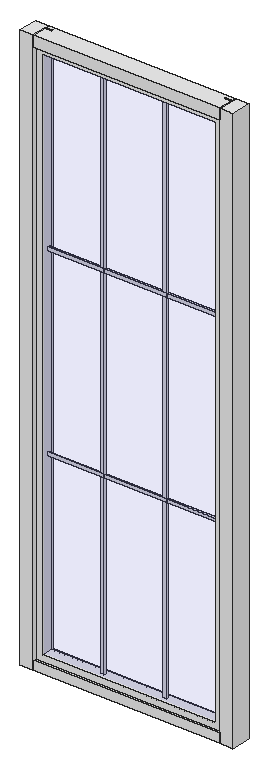
Revit family "Door_Curtain_Wall-Outswing-Traco-NX-8910-Sidelite", category Curtain Panels, Revit 2015
Parameters (values of type "NX-8910 - Sidelite")
  Water Resistance = 15.0000 psf
  Uniform Load Structural = 75.0000 psf
  Uniform Load Deflection = 10.0000 psf
  Product data url = "https://bimobject.com/kawneerna/product/89101"
  Product Page URL = "http://www.alcoa.com/traco/en/product.asp?cat_id=1912&prod_id=4259"
  Product Documentation Link = "http://www.alcoa.com/traco/en/cad_spec.asp?cat_id=1912&prod_id=4259&area=prod"
  Panel Width [instance] = Door Width - 0' 4 1/2"  # 2' - 7 1/2"
  Panel Material [instance] = Aluminum - Traco - Anodized - Gray
  Panel Height [instance] = Door Height - 0' 2 7/8"  # 7' - 9 1/8"
  Muntin Type = Muntin-Grid-Traco-Lites : Interior
  Has Muntins [instance] = yes
  Glass Material [instance] = Glass - Traco - Clear
  Frame Material [instance] = Aluminum - Traco - Anodized - Gray
  Door Width [instance] = if(CTRL Opening Width < Door Width Minimum, Door Width Minimum, if(CTRL Opening Width > Door Width Maximum, Door Width Maximum, CTRL Opening Width))  # 3' - 0"
  Door Height [instance] = if(CTRL Opening Height < Door Height Minimum, Door Height Minimum, if(CTRL Opening Height > Door Height Maximum, Door Height Maximum, CTRL Opening Height))  # 8' - 0"
  Door Base = 0' - 1 3/8"
  Copyright © = "2011 Traco"  # constant formula
  CTRL Opening Width [instance] = 5' - 5.50212"
  URL = "http://www.alcoa.com/traco/en/home.asp"
  U Factor = "0.40*"
  Type Comments = "Sidelite"
  Test Size = "48\" X 96\""
  Model = "NX-8910"
  Manufacturer = "Traco"  # constant formula
  CTRL Opening Height [instance] = 8' - 0 3/4"
  Forced Entry Resistance = ""
  Door Width Minimum [instance] = 3' - 0"
  Door Width Maximum [instance] = 3' - 0"
  Door Height Minimum [instance] = 6' - 0"
  Door Height Maximum [instance] = 8' - 0"
  Designation = "AAMA/WDMA/CSA 101/I.S.2/A-440-05: HS-C50 And AAMA/WDMA/CSA 101/I.S.2/A-440-08:AW-PG50-ATD"
  Description = "NX-8910 - 3-1/4” Outswing Thermal Aluminum Architectural Terrace Door"
  Condensation Resistance = "48"
  Assembly Code = "B2020220"
  Allowable Air Infiltration Maximum = "0.1 @ 6.2 PSF"
Reference planes (in)
  plane 1 "Front": y = 0
  plane 2 "Bottom": z = 0
  plane 3 "Center (Left/Right)": x = 0
  plane 4 "Left": x = -32.75106
  plane 5 "Right": x = 32.75106
  plane 6 "Top": z = 96.75
  plane 7 "Door Base": z = 1.375
  plane 8 "Jamb Left": x = -15.75
  plane 9 "Stop Left": x = -14.625
  plane 10 "Stop Right": x = 14.625
  plane 11 "Jamb Right": x = 15.75
  plane 12 "Panel Right": x = 18
  plane 13 "Panel Left": x = -18
  plane 14 "Stop Front": y = 2.5
Text (in)
  text "Exterior" at (-54.29358, -17.61257, 0), in view "Ref. Level"
  text "Exterior" at (480, 41.53993, 89.60405), in view "Right"
  text "Exterior" at (-240, 57.82419, 105.78864), in view "Left"
Dimensions and locks (in)
  equal spacing: plane 4 "Left", plane 3 "Center (Left/Right)", plane 5 "Right"
  "Door Base": plane 2 "Bottom" to plane 7 "Door Base"
  "CTRL Opening Width": plane 4 "Left" to plane 5 "Right"
  "CTRL Opening Height": plane 6 "Top" to plane 2 "Bottom"
  locked: plane 1 "Front" to plane 14 "Stop Front" at 2.5
  aligned and locked: level to plane 2 "Bottom"
  aligned: nested 2 to nested 1
  aligned and locked: plane 7 "Door Base" to nested 2
  aligned and locked: nested 2 to nested 1
  aligned and locked: nested 2 to nested 2
  aligned and locked: nested 2 to nested 3
  aligned and locked: nested 3 to plane 7 "Door Base"
  aligned and locked: plane 3 "Center (Left/Right)" to nested 1
  aligned and locked: plane 1 "Front" to nested 1
  aligned and locked: nested 2 to plane 14 "Stop Front"
Nested families (in)
  nested 1: "Door_Frame-Outswing-Traco-(NX-8910)-Sidelite" at (-24, 1.625, 0), type "Standard Sill"
    with Door Width 3' - 0"
  nested 2: "Door-Glass_Panel-Traco-(TR-8910)-Sidelite" at (0, 2.5, 1.375), Width <- "Panel Width", Height <- "Panel Height", Panel Material <- "Panel Material", Glass Material <- "Glass Material", type "T", detail levels fine
    with built-in parameter 1001301 2' - 7 1/2", built-in parameter 1001302 0' - 2", Panel Offset 0' - 4 1/4", Panel Material Aluminum - Traco - Anodized - Gray, Panel Finish none, built-in parameter 1001300 7' - 9 1/8", Glazing Thickness 0' - 1", Glazing "Low E-Argon", Glass Material Glass - Traco - Clear
  nested 3: "Muntin-Grid-Traco-Lites" at (0, 1.625, 47.9375) x (1, 0, 0) z (0, -1, 0), Sash Height <- "Panel Height", Length <- "Panel Width", type <- "Muntin Type", visible <- "Has Muntins", type "Interior"
    with Sash Height 7' - 9 1/8", Material Aluminum - Traco - Anodized - Gray, Length 2' - 7 1/2", Glazing Thickness 0' - 0 7/8", CTRL Muntin Vertical Distance 2' - 7.04167", CTRL Muntin Horizontal Distance 0' - 10 1/2", CTRL Face Offset 0' - 0 1/4", CTRL Bar Vertical Visibility no, CTRL Bar Horizontal Visibility no, CTRL Array Vertical Visibility yes, CTRL Array Horizontal Visibility yes, Has Interior Muntins yes, Has Exterior Muntins no
  nested 4: "Muntin-Trapezoid-Traco-Single" at (5.25, 1.8125, 47.9375) x (0, 0, -1) z (0, -1, 0), type "Standard Colonial"
    with Material Aluminum - Traco - Anodized - Gray, Length 7' - 9 1/8", Width Top 0' - 0 9/16", Width Base 0' - 0 9/16", Height 0' - 0 5/16"
  nested 5: "Muntin-Trapezoid-Traco-Single" at (0, 1.8125, 63.45833) x (-1, 0, 0) z (0, -1, 0), type "Standard Colonial"
    with Material Aluminum - Traco - Anodized - Gray, Length 2' - 7 1/2", Width Top 0' - 0 9/16", Width Base 0' - 0 9/16", Height 0' - 0 5/16"
  nested 6: "Muntin-Trapezoid-Traco-Single" at (-5.25, 1.8125, 47.9375) x (0, 0, -1) z (0, -1, 0), type "Standard Colonial"
    with Material Aluminum - Traco - Anodized - Gray, Length 7' - 9 1/8", Width Top 0' - 0 9/16", Width Base 0' - 0 9/16", Height 0' - 0 5/16"
  nested 7: "Muntin-Trapezoid-Traco-Single" at (0, 1.8125, 32.41667) x (-1, 0, 0) z (0, -1, 0), type "Standard Colonial"
    with Material Aluminum - Traco - Anodized - Gray, Length 2' - 7 1/2", Width Top 0' - 0 9/16", Width Base 0' - 0 9/16", Height 0' - 0 5/16"
Definition of nested family "Door_Frame-Outswing-Traco-(NX-8910)-Sidelite"
  Parameters
    Jamb Thickness = 0' - 2 1/4"
    Head Thickness = 0' - 1 3/4"
    Frame Material = none
    Frame Depth = 0' - 3 1/4"
    Door Width = 4' - 0"
    Door Height = 8' - 0"
    Assembly Code = ""
  Reference planes (in)
    plane 1 "Center (Front/Back)": y = 0
    plane 2 "Bottom": z = 0
    plane 3 "Center (Left/Right)": x = 24
    plane 4 "Exterior": y = 1.625
    plane 5 "Interior": y = -1.625
    plane 6 "Left": x = 0
    plane 7 "Top": z = 96
    plane 8 "Inside Frame Left Side": x = 2.25
    plane 9 "Inside Frame Right Side": x = 45.75
    plane 10 "Top Inset": z = 94.25
    plane 11 "Sill Top": z = 1.5
    plane 12 "Right": x = 48
    plane 13 "Left Stop": x = 3.375
    plane 14 "Right Stop": x = 44.625
    plane 15 "Stop Front": y = 0.875
    plane 16 "Stop Back": y = 1
    plane 17 "Panel Bottom": z = 2.4375
    plane 18 "Panel Top": z = 93.375
  Forms (in)
    Extrusion 1, solid, material <- "Frame Material"
      sketch origin (24, 0, 0) x (0, 1, 0) y (0, 0, 1)
        loop
          line (1.625, 0) -> (1.625, 2) -> (0.875, 2.4375) -> (0.875, 1.5) -> (-1.625, 1.5) -> (-1.625, 0) -> (1.625, 0)
      from -21.75 to 21.75
    Extrusion 2, solid, material <- "Frame Material"
      sketch origin (0, 0, 0) x (1, 0, 0) y (0, 1, 0)
        loop
          line (0, -1.625) -> (2.25, -1.625) -> (2.25, 0.875) -> (3.375, 0.875) -> (3.375, 1) -> (2.25, 1) -> (2.25, 1.625) -> (0, 1.625) -> (0, -1.625)
        loop
          line (48, -1.625) -> (48, 1.625) -> (45.75, 1.625) -> (45.75, 1) -> (44.625, 1) -> (44.625, 0.875) -> (45.75, 0.875) -> (45.75, -1.625) -> (48, -1.625)
      from 0 to 96
    Extrusion 3, solid, material <- "Frame Material"
      sketch origin (24, 0, 0) x (0, -1, 0) y (0, 0, -1)
        loop
          line (1.625, -96) -> (1.625, -94.25) -> (-0.875, -94.25) -> (-0.875, -93.375) -> (-1, -93.375) -> (-1, -94.25) -> (-1.625, -94.25) -> (-1.625, -96) -> (1.625, -96)
      from -21.75 to 21.75
  Lines and regions (in)
    Masking region 1
      outline origin (0, 0, 96) x (-1, 0, 0) y (0, -1, 0)
        loop
          line (0, 1.625) -> (-48, 1.625) -> (-48, -1.625) -> (0, -1.625) -> (0, 1.625)
    Masking region 2
      outline origin (24, 0, 0) x (0, 1, 0) y (0, 0, 1)
        loop
          line (-1.625, 0) -> (1.625, 0) -> (1.625, 96) -> (-1.625, 96) -> (-1.625, 0)
    Masking region 3
      outline origin (0, 0, 0) x (1, 0, 0) y (0, 0, 1)
        loop
          line (0, 0) -> (48, 0) -> (48, 96) -> (0, 96) -> (0, 0)
        loop
          line (3.375, 93.375) -> (3.375, 2.4375) -> (44.625, 2.4375) -> (44.625, 93.375) -> (3.375, 93.375)
    symbolic lines, detail levels medium+fine
      curve 1: line (2.25, -1.625, 96) -> (2.25, 0.875, 96)
      curve 2: line (2.25, 0.875, 96) -> (3.375, 0.875, 96)
      curve 3: line (3.375, 0.875, 96) -> (3.375, 1, 96)
      curve 4: line (3.375, 1, 96) -> (2.25, 1, 96)
      curve 5: line (2.25, 1, 96) -> (2.25, 1.625, 96)
      curve 6: line (45.75, -1.625, 96) -> (45.75, 0.875, 96)
      curve 7: line (45.75, 0.875, 96) -> (44.625, 0.875, 96)
      curve 8: line (44.625, 0.875, 96) -> (44.625, 1, 96)
      curve 9: line (44.625, 1, 96) -> (45.75, 1, 96)
      curve 10: line (45.75, 1, 96) -> (45.75, 1.625, 96)
    symbolic lines
      curve 11: line (2.25, -1.625, 94.25) -> (45.75, -1.625, 94.25)
      curve 12: line (2.25, -1.625, 96) -> (2.25, -1.625, 0)
      curve 13: line (45.75, -1.625, 0) -> (45.75, -1.625, 96)
      curve 14: line (44.625, -1.625, 93.375) -> (45.75, -1.625, 93.375)
      curve 15: line (44.625, -1.625, 93.375) -> (44.625, -1.625, 94.25)
      curve 16: line (2.25, -1.625, 93.375) -> (3.375, -1.625, 93.375)
      curve 17: line (3.375, -1.625, 93.375) -> (3.375, -1.625, 94.25)
      curve 18: line (2.25, -1.625, 1.5) -> (45.75, -1.625, 1.5)
      curve 19: line (3.375, -1.625, 1.5) -> (3.375, -1.625, 2.4375)
      curve 20: line (2.25, -1.625, 2.4375) -> (3.375, -1.625, 2.4375)
      curve 21: line (44.625, -1.625, 1.5) -> (44.625, -1.625, 2.4375)
      curve 22: line (44.625, -1.625, 2.4375) -> (45.75, -1.625, 2.4375)
      curve 23: line (2.25, 1.625, 94.25) -> (45.75, 1.625, 94.25)
      curve 24: line (2.25, 1.625, 96) -> (2.25, 1.625, 0)
      curve 25: line (45.75, 1.625, 0) -> (45.75, 1.625, 96)
      curve 26: line (44.625, 1.625, 94.25) -> (44.625, 1.625, 93.375)
      curve 27: line (44.625, 1.625, 93.375) -> (45.75, 1.625, 93.375)
      curve 28: line (2.25, 1.625, 93.375) -> (3.375, 1.625, 93.375)
      curve 29: line (3.375, 1.625, 94.25) -> (3.375, 1.625, 93.375)
      curve 30: line (2.25, 1.625, 1.5) -> (45.75, 1.625, 1.5)
      curve 31: line (3.375, 1.625, 1.5) -> (3.375, 1.625, 2.4375)
      curve 32: line (2.25, 1.625, 2.4375) -> (3.375, 1.625, 2.4375)
      curve 33: line (44.625, 1.625, 1.5) -> (44.625, 1.625, 2.4375)
      curve 34: line (44.625, 1.625, 2.4375) -> (45.75, 1.625, 2.4375)
  Dimensions and locks (in)
    equal spacing: plane 4 "Exterior", plane 1 "Center (Front/Back)", plane 5 "Interior"
    "Frame Depth": plane 4 "Exterior" to plane 5 "Interior"
    "Head Thickness": plane 7 "Top" to plane 10 "Top Inset"
    "Jamb Thickness": plane 6 "Left" to plane 8 "Inside Frame Left Side"
    "Door Height": plane 7 "Top" to plane 2 "Bottom"
    locked: plane 11 "Sill Top" to plane 2 "Bottom" at 1.5
    "Door Width": plane 12 "Right" to plane 6 "Left"
    "Jamb Thickness": plane 12 "Right" to plane 9 "Inside Frame Right Side"
    equal spacing: plane 6 "Left", plane 3 "Center (Left/Right)", plane 12 "Right"
    locked: plane 1 "Center (Front/Back)" to plane 16 "Stop Back" at 1
    locked: plane 1 "Center (Front/Back)" to plane 15 "Stop Front" at 0.875
    locked: plane 10 "Top Inset" to plane 18 "Panel Top" at 0.875
    locked: plane 17 "Panel Bottom" to plane 11 "Sill Top" at 0.9375
    locked: plane 8 "Inside Frame Left Side" to plane 13 "Left Stop" at 1.125
    locked: plane 14 "Right Stop" to plane 9 "Inside Frame Right Side" at 1.125
    aligned and locked: level to plane 2 "Bottom"
    aligned and locked: plane 8 "Inside Frame Left Side" to Extrusion 1
    aligned and locked: Extrusion 1 to plane 9 "Inside Frame Right Side"
    aligned and locked: plane 7 "Top" to Extrusion 2
    aligned and locked: Extrusion 1 to plane 8 "Inside Frame Left Side"
    aligned and locked: plane 9 "Inside Frame Right Side" to Extrusion 1
    aligned and locked: Extrusion 3 to plane 8 "Inside Frame Left Side"
    aligned and locked: plane 9 "Inside Frame Right Side" to Extrusion 3
    aligned and locked: plane 4 "Exterior" to Masking region 1 sketch curve
    aligned and locked: plane 6 "Left" to Masking region 1 sketch curve
    aligned and locked: plane 5 "Interior" to Masking region 1 sketch curve
    aligned and locked: plane 12 "Right" to Masking region 1 sketch curve
    aligned and locked: curve 5 to plane 8 "Inside Frame Left Side"
    aligned and locked: plane 16 "Stop Back" to curve 4
    aligned and locked: curve 3 to plane 13 "Left Stop"
    aligned and locked: curve 2 to plane 15 "Stop Front"
    aligned and locked: curve 1 to plane 8 "Inside Frame Left Side"
    aligned and locked: curve 10 to plane 9 "Inside Frame Right Side"
    aligned and locked: curve 9 to plane 16 "Stop Back"
    aligned and locked: plane 14 "Right Stop" to curve 8
    aligned and locked: plane 15 "Stop Front" to curve 7
    aligned and locked: curve 6 to plane 9 "Inside Frame Right Side"
    aligned and locked: plane 7 "Top" to Masking region 2 sketch curve
    aligned and locked: Masking region 2 sketch curve to plane 5 "Interior"
    aligned and locked: plane 4 "Exterior" to Masking region 2 sketch curve
    aligned and locked: Masking region 2 sketch curve to plane 2 "Bottom"
    aligned and locked: Masking region 3 sketch curve to plane 7 "Top"
    aligned and locked: plane 2 "Bottom" to Masking region 3 sketch curve
    aligned and locked: Masking region 3 sketch curve to plane 6 "Left"
    aligned and locked: Masking region 3 sketch curve to plane 12 "Right"
    aligned and locked: Masking region 3 sketch curve to plane 18 "Panel Top"
    aligned and locked: plane 17 "Panel Bottom" to Masking region 3 sketch curve
    aligned and locked: Masking region 3 sketch curve to plane 13 "Left Stop"
    aligned and locked: Masking region 3 sketch curve to plane 14 "Right Stop"
    aligned and locked: curve 11 to plane 10 "Top Inset"
    aligned and locked: plane 8 "Inside Frame Left Side" to curve 12
    aligned and locked: curve 13 to plane 9 "Inside Frame Right Side"
    aligned and locked: curve 14 to plane 18 "Panel Top"
    aligned and locked: plane 14 "Right Stop" to curve 15
    aligned and locked: curve 17 to plane 13 "Left Stop"
    aligned and locked: curve 16 to plane 18 "Panel Top"
    aligned and locked: curve 18 to plane 11 "Sill Top"
    aligned and locked: curve 19 to plane 13 "Left Stop"
    aligned and locked: curve 20 to plane 17 "Panel Bottom"
    aligned and locked: plane 14 "Right Stop" to curve 21
    aligned and locked: curve 22 to plane 17 "Panel Bottom"
    aligned and locked: curve 30 to plane 11 "Sill Top"
    aligned and locked: plane 8 "Inside Frame Left Side" to curve 24
    aligned and locked: curve 32 to plane 17 "Panel Bottom"
    aligned and locked: curve 31 to plane 13 "Left Stop"
    aligned and locked: plane 14 "Right Stop" to curve 33
    aligned and locked: curve 34 to plane 17 "Panel Bottom"
    aligned and locked: curve 25 to plane 9 "Inside Frame Right Side"
    aligned and locked: curve 27 to plane 18 "Panel Top"
    aligned and locked: curve 26 to plane 14 "Right Stop"
    aligned and locked: curve 23 to plane 10 "Top Inset"
    aligned and locked: curve 28 to plane 18 "Panel Top"
    aligned and locked: plane 13 "Left Stop" to curve 29
  Automatic sketch dimensions
    Extrusion 1 sketch curve to level = 0' - 0"
    Extrusion 1 sketch curve to plane 5 "Interior" = 0' - 0"
    Extrusion 1 sketch curve to plane 11 "Sill Top" = 0' - 0"
    Extrusion 1 sketch curve to plane 4 "Exterior" = 0' - 0"
    Extrusion 1 sketch curve to plane 4 "Exterior" = 0' - 0 3/4"
    plane 11 "Sill Top" to Extrusion 1 sketch curve = 0' - 0 1/2"
    Extrusion 1 sketch curve to Extrusion 1 sketch curve = 0' - 0 7/16"
    Extrusion 2 sketch curve to plane 4 "Exterior" = 0' - 0"
    Extrusion 2 sketch curve to plane 6 "Left" = 0' - 0"
    Extrusion 2 sketch curve to plane 8 "Inside Frame Left Side" = 0' - 0"  (x2)
    plane 5 "Interior" to Extrusion 2 sketch curve = 0' - 0"  (x2)
    Extrusion 2 sketch curve to plane 9 "Inside Frame Right Side" = 0' - 0"  (x2)
    Extrusion 2 sketch curve to plane 12 "Right" = 0' - 0"
    plane 4 "Exterior" to Extrusion 2 sketch curve = 0' - 0"
    Extrusion 2 sketch curve to plane 8 "Inside Frame Left Side" = 0' - 1 1/8"
    plane 9 "Inside Frame Right Side" to Extrusion 2 sketch curve = 0' - 1 1/8"
    Extrusion 2 sketch curve to plane 4 "Exterior" = 0' - 0 3/4"  (x2)
    Extrusion 2 sketch curve to Extrusion 2 sketch curve = 0' - 0 1/8"  (x2)
    Extrusion 3 sketch curve to plane 4 "Exterior" = 0' - 0"
    Extrusion 3 sketch curve to plane 10 "Top Inset" = 0' - 0"  (x2)
    Extrusion 3 sketch curve to plane 5 "Interior" = 0' - 0"
    Extrusion 3 sketch curve to plane 7 "Top" = 0' - 0"
    Extrusion 3 sketch curve to plane 4 "Exterior" = 0' - 0 5/8"
    Extrusion 3 sketch curve to Extrusion 3 sketch curve = 0' - 0 1/8"
    Extrusion 3 sketch curve to plane 10 "Top Inset" = 0' - 0 7/8"
    curve 12 to level = 0' - 0"
    curve 13 to level = 0' - 0"
    curve 12 to plane 7 "Top" = 0' - 0"
    curve 13 to plane 7 "Top" = 0' - 0"
    curve 24 to level = 0' - 0"
    curve 25 to level = 0' - 0"
    curve 24 to plane 7 "Top" = 0' - 0"
    curve 25 to plane 7 "Top" = 0' - 0"
    curve 5 to plane 4 "Exterior" = 0' - 0"
    plane 5 "Interior" to curve 1 = 0' - 0"
    curve 10 to plane 4 "Exterior" = 0' - 0"
    plane 5 "Interior" to curve 6 = 0' - 0"
Definition of nested family "Door-Glass_Panel-Traco-(TR-8910)-Sidelite"
  Parameters
    Width [instance] = 6' - 0"
    Visible Light Transmission = 0
    URL = "www.integratedcontentsolutions.com"
    U Value = 0
    Type Comments = "Panel theory and model developed by Integrated Content Solutions"  # constant formula
    Thickness [instance] = 0' - 2 1/2"
    Solar Heat Gain Coefficient = 0
    R Value = 0
    Product Documentation Link = "www.integratedcontentsolutions.com"
    Panel Offset [instance] = 0' - 4 1/4"
    Panel Material [instance] = none
    Panel Finish [instance] = none
    Manufacturer = "Integrated Content Solutions"  # constant formula
    LEED Credit = ""
    Height [instance] = 2' - 0"
    Glazing Thickness [instance] = 0' - 1"
    Glazing [instance] = "Low E-Argon"
    Glass Material [instance] = none
    Function = 1
    Energy Star Zone = ""
    Copyright © = "Integrated Content Solutions © 2009"  # constant formula
    Assembly Code = "C1020110"
    Appear In Schedule = 0 = 1  # no
    Air Leakage = 0
  Reference planes (in)
    plane 1 "Exterior": y = 0
    plane 2 "Bottom": z = 0
    plane 3 "Left Side": x = -36
    plane 4 "Interior": y = -2.5
    plane 5 "Right Side": x = 36
    plane 6 "Top": z = 24
    plane 7 "Glass Exterior": y = -1.61648
    plane 8 "Center L_R": x = 0
    plane 9 "Glass Interior": y = -0.61648
    plane 10 "Panel Right": x = 34.875
    plane 11 "Panel Bottom": z = 1.125
    plane 12 "Panel Top": z = 22.875
    plane 13 "Panel Left": x = -34.875
    plane 14 "Center F_B": y = -1.11648
  Forms (in)
    Extrusion 1, solid, material <- "Panel Material"
      sketch origin (0, 0, 0) x (1, 0, 0) y (0, 0, 1)
        loop
          line (-36, 24) -> (-36, 0) -> (36, 0) -> (36, 24) -> (-36, 24)
        loop
          line (-34.875, 22.875) -> (-34.875, 1.125) -> (34.875, 1.125) -> (34.875, 22.875) -> (-34.875, 22.875)
      from 0 to 2.5
    Extrusion 2, solid, material <- "Glass Material"
      sketch origin (0, -0.25, 0) x (1, 0, 0) y (0, 0, -1)
        loop
          line (-34.875, -23.625) -> (34.875, -23.625) -> (34.875, -0.375) -> (-34.875, -0.375) -> (-34.875, -23.625)
      from -1.36648 to -0.36648
  Lines and regions (in)
    Masking region 1
      outline origin (0, -1.75, 0) x (-1, 0, 0) y (0, 0, 1)
        loop
          line (36, 0) -> (36, 24) -> (-36, 24) -> (-36, 0) -> (36, 0)
        loop
          line (34.875, 1.125) -> (34.875, 22.875) -> (-34.875, 22.875) -> (-34.875, 1.125) -> (34.875, 1.125)
    Masking region 2
      outline origin (0, 0, 24) x (-1, 0, 0) y (0, -1, 0)
        loop
          line (36, 2.5) -> (-36, 2.5) -> (-36, 0) -> (36, 0) -> (36, 2.5)
    model lines
      curve 1: line (-34.875, -1.75, 22.875) -> (-34.875, -1.75, 1.125)
      curve 2: line (34.875, -1.75, 1.125) -> (34.875, -1.75, 22.875)
    symbolic lines
      curve 3: line (-34.875, -1.75, 1.125) -> (34.875, -1.75, 1.125)
      curve 4: line (-34.875, -1.75, 22.875) -> (-34.875, -1.75, 1.125)
      curve 5: line (34.875, -1.75, 22.875) -> (-34.875, -1.75, 22.875)
      curve 6: line (34.875, -1.75, 1.125) -> (34.875, -1.75, 22.875)
  Dimensions and locks (in)
    "Width": plane 3 "Left Side" to plane 5 "Right Side"
    "Thickness": plane 4 "Interior" to plane 1 "Exterior"
    "Height": plane 6 "Top" to plane 2 "Bottom"
    "Width": plane 3 "Left Side" to Extrusion 1
    equal spacing: plane 5 "Right Side", plane 8 "Center L_R", plane 3 "Left Side"
    locked: Extrusion 1 sketch curve to Extrusion 1 sketch curve at 1.125  (x4)
    "Glazing Thickness": plane 7 "Glass Exterior" to plane 9 "Glass Interior"
    locked: plane 13 "Panel Left" to plane 3 "Left Side" at 1.125
    locked: plane 5 "Right Side" to plane 10 "Panel Right" at 1.125
    locked: plane 6 "Top" to plane 12 "Panel Top" at 1.125
    locked: plane 11 "Panel Bottom" to plane 2 "Bottom" at 1.125
    equal spacing: plane 9 "Glass Interior", plane 14 "Center F_B", plane 7 "Glass Exterior"
    aligned and locked: plane 3 "Left Side" to Extrusion 1 sketch curve
    aligned: Extrusion 1 to plane 1 "Exterior"
    aligned: plane 4 "Interior" to Extrusion 1
    aligned and locked: level to plane 2 "Bottom"
    aligned and locked: plane 4 "Interior" to Extrusion 1
    aligned and locked: Extrusion 1 to plane 1 "Exterior"
    aligned and locked: plane 6 "Top" to Masking region 1 sketch curve
    aligned and locked: plane 5 "Right Side" to Masking region 1 sketch curve
    aligned and locked: Masking region 1 sketch curve to plane 3 "Left Side"
    aligned and locked: Masking region 1 sketch curve to plane 2 "Bottom"
    aligned and locked: plane 12 "Panel Top" to curve 5
    aligned and locked: plane 10 "Panel Right" to curve 6
    aligned and locked: curve 4 to plane 13 "Panel Left"
    aligned and locked: curve 3 to plane 11 "Panel Bottom"
    aligned and locked: Masking region 2 sketch curve to plane 3 "Left Side"
    aligned and locked: Masking region 2 sketch curve to plane 1 "Exterior"
    aligned and locked: plane 4 "Interior" to Masking region 2 sketch curve
    aligned and locked: plane 5 "Right Side" to Masking region 2 sketch curve
    aligned and locked: Extrusion 2 to plane 9 "Glass Interior"
    aligned and locked: plane 10 "Panel Right" to Extrusion 2  (x2)
    aligned and locked: Extrusion 2 to plane 13 "Panel Left"  (x2)
    aligned and locked: Extrusion 2 to plane 7 "Glass Exterior"
    aligned and locked: plane 9 "Glass Interior" to Extrusion 2
    aligned and locked: plane 12 "Panel Top" to Masking region 1 sketch curve
    aligned and locked: Masking region 1 sketch curve to plane 11 "Panel Bottom"
    aligned and locked: plane 10 "Panel Right" to Masking region 1 sketch curve
    aligned and locked: Masking region 1 sketch curve to plane 13 "Panel Left"
  Automatic sketch dimensions
    Extrusion 1 sketch curve to level = 0' - 0"
    Extrusion 1 sketch curve to plane 3 "Left Side" = 0' - 0"
    Extrusion 1 sketch curve to plane 5 "Right Side" = 0' - 0"
    Extrusion 1 sketch curve to plane 6 "Top" = 0' - 0"
    plane 3 "Left Side" to Extrusion 2 sketch curve = 0' - 1 1/8"
    Extrusion 2 sketch curve to plane 5 "Right Side" = 0' - 1 1/8"
    Extrusion 2 sketch curve to plane 6 "Top" = 0' - 0 3/8"
    level to Extrusion 2 sketch curve = 0' - 0 3/8"
Definition of nested family "Muntin-Trapezoid-Traco-Single"
  Parameters
    Width Top = 0' - 0 7/16"
    Width Base = 0' - 1"
    URL = "http://www.alcoa.com/traco/en/home.asp"
    Product Page URL = "http://www.alcoa.com/traco/en/product.asp?prod_id=4228"
    Product Documentation Link = "http://www.alcoa.com/traco/en/cad_spec.asp?prod_id=4228&area=prod"
    Material [instance] = none
    Manufacturer = "Traco"  # constant formula
    Length [instance] = 1' - 0"
    Height = 0' - 0 5/8"
    Description = "Trapezoidal Profile"
    Copyright © = "2011 Traco"  # constant formula
  Reference planes (in)
    plane 1 "Center (Front/Back)": y = 0
    plane 2 "Original Bottom": z = 0
    plane 3 "Center (Left/Right)": x = 0
    plane 4 "Left": x = -6
    plane 5 "Right": x = 6
    plane 6 "Back": y = 0.5
    plane 7 "Front": y = -0.5
    plane 8 "Back Inset": y = 0.21875
    plane 9 "Front Inset": y = -0.21875
    plane 10 "Top": z = 0.625
    plane 11 "Bottom": z = 0
  Forms (in)
    Sweep 1, solid, material <- "Material", detail levels medium+fine
      path origin (0, 0, 0) x (0, -1, 0) y (1, 0, 0)
        loop
          line (0, 6) -> (0, -6)
      profile origin (0, 0, 0) x (0, -1, 0) y (0, 0, 1)
        loop
          line (0.5, 0) -> (0.21875, 0.625) -> (-0.21875, 0.625) -> (-0.5, 0) -> (0.5, 0)
  Lines and regions (in)
    Masking region 1, detail levels medium+fine
      outline origin (0, 0, 0) x (0, 1, 0) y (0, 0, 1)
        loop
          line (0.5, 0) -> (0.21875, 0.625) -> (-0.21875, 0.625) -> (-0.5, 0) -> (0.5, 0)
    Masking region 2, detail levels medium+fine
      outline origin (0, 0, 0) x (1, 0, 0) y (0, 1, 0)
        loop
          line (6, -0.5) -> (6, 0.5) -> (-6, 0.5) -> (-6, -0.5) -> (6, -0.5)
    Masking region 3, detail levels medium+fine
      outline origin (0, 0, 0) x (1, 0, 0) y (0, 0, 1)
        loop
          line (6, 0) -> (6, 0.625) -> (-6, 0.625) -> (-6, 0) -> (6, 0)
    symbolic lines, detail levels coarse
      curve 1: line (0, 0, 0) -> (0, 0, 0.625)
      curve 2: line (-6, 0, 0) -> (6, 0, 0)
      curve 3: line (-6, 0, 0) -> (-6, 0, 0.625)
      curve 4: line (-6, 0, 0.625) -> (6, 0, 0.625)
      curve 5: line (6, 0, 0.625) -> (6, 0, 0)
    model lines, detail levels coarse
      curve 6: line (-6, 0, 0) -> (6, 0, 0)
  Dimensions and locks (in)
    equal spacing: plane 4 "Left", plane 3 "Center (Left/Right)", plane 5 "Right"
    "Length": plane 4 "Left" to plane 5 "Right"
    equal spacing: plane 6 "Back", plane 1 "Center (Front/Back)", plane 7 "Front"
    "Width Base": plane 7 "Front" to plane 6 "Back"
    equal spacing: plane 8 "Back Inset", plane 1 "Center (Front/Back)", plane 9 "Front Inset"
    "Width Top": plane 9 "Front Inset" to plane 8 "Back Inset"
    locked: plane 11 "Bottom" to plane 2 "Original Bottom" at 0
    "Height": plane 10 "Top" to plane 11 "Bottom"
    aligned and locked: plane 2 "Original Bottom" to level
    aligned and locked: plane 4 "Left" to Sweep 1 sketch curve
    aligned and locked: Sweep 1 sketch curve to plane 1 "Center (Front/Back)"
    aligned and locked: plane 5 "Right" to Sweep 1 sketch curve
    aligned and locked: plane 7 "Front" to Sweep 1 sketch curve
    aligned and locked: plane 11 "Bottom" to Sweep 1 sketch curve  (x2)
    aligned and locked: plane 6 "Back" to Sweep 1 sketch curve
    aligned and locked: plane 10 "Top" to Sweep 1 sketch curve
    aligned and locked: plane 8 "Back Inset" to Sweep 1 sketch curve
    aligned and locked: plane 9 "Front Inset" to Sweep 1 sketch curve
    aligned and locked: Sweep 1 sketch curve to plane 10 "Top"
    aligned and locked: Masking region 1 sketch curve to plane 11 "Bottom"
    aligned and locked: plane 10 "Top" to Masking region 1 sketch curve
    aligned and locked: plane 8 "Back Inset" to Masking region 1 sketch curve
    aligned and locked: plane 9 "Front Inset" to Masking region 1 sketch curve
    aligned and locked: plane 7 "Front" to Masking region 1 sketch curve
    aligned and locked: plane 6 "Back" to Masking region 1 sketch curve
    aligned and locked: curve 1 to plane 1 "Center (Front/Back)"
    aligned and locked: plane 11 "Bottom" to curve 1
    aligned and locked: plane 10 "Top" to curve 1
    aligned and locked: plane 4 "Left" to curve 2
    aligned and locked: plane 5 "Right" to curve 2
    aligned and locked: plane 1 "Center (Front/Back)" to curve 2
    aligned and locked: Masking region 2 sketch curve to plane 4 "Left"
    aligned and locked: Masking region 2 sketch curve to plane 5 "Right"
    aligned and locked: Masking region 2 sketch curve to plane 6 "Back"
    aligned and locked: Masking region 2 sketch curve to plane 7 "Front"
    aligned and locked: Masking region 3 sketch curve to plane 4 "Left"
    aligned and locked: Masking region 3 sketch curve to plane 5 "Right"
    aligned and locked: plane 11 "Bottom" to Masking region 3 sketch curve
    aligned and locked: Masking region 3 sketch curve to plane 10 "Top"
    aligned and locked: plane 11 "Bottom" to curve 3
    aligned and locked: plane 11 "Bottom" to curve 5
    aligned and locked: curve 5 to plane 5 "Right"
    aligned and locked: curve 3 to plane 4 "Left"
    aligned and locked: curve 4 to plane 10 "Top"
    aligned and locked: plane 5 "Right" to curve 6
    aligned and locked: plane 4 "Left" to curve 6
    aligned and locked: plane 1 "Center (Front/Back)" to curve 6
Definition of nested family "Muntin-Grid-Traco-Lites"
  Parameters
    URL = "http://www.alcoa.com/traco/en/home.asp"
    Sash Height [instance] = 4' - 0"
    Muntin Vertical Count = if((Lite Vertical Count - 1) < 2, 2, (Lite Vertical Count - 1))  # 2
    Muntin Type = Muntin-Trapezoid-Traco-Single : H-081
    Muntin Horizontal Count = if((Lite Horizontal Count - 1) < 2, 2, (Lite Horizontal Count - 1))  # 2
    Material [instance] = none
    Manufacturer = "Traco"  # constant formula
    Lite Vertical Count = 3
    Lite Horizontal Count = 3
    Length [instance] = 4' - 0"
    Has True Muntins = no
    Has Interior Muntins = no
    Has Exterior Muntins = yes
    Glazing Thickness [instance] = 0' - 0 7/8"
    Default Elevation = 4' - 0"
    Copyright © = "2011 Traco"  # constant formula
    CTRL Muntin Vertical Distance [instance] = Sash Height / (Lite Vertical Count)  # 1' - 4"
    CTRL Muntin Horizontal Distance [instance] = Length / (Lite Horizontal Count)  # 1' - 4"
    CTRL Face Offset [instance] = if(Has Interior Muntins, 0' 0 1/4", if(Has Exterior Muntins, Glazing Thickness, Glazing Thickness / 2))  # 0' - 0 7/8"
    CTRL Bar Vertical Visibility [instance] = Lite Vertical Count = 2  # no
    CTRL Bar Horizontal Visibility [instance] = Lite Horizontal Count = 2  # no
    CTRL Array Vertical Visibility [instance] = Lite Vertical Count > 2  # yes
    CTRL Array Horizontal Visibility [instance] = Lite Horizontal Count > 2  # yes
    Assembly Code = "B2020110"
  Reference planes (in)
    plane 1 "Center (Front/Back)": y = 0
    plane 2 "Original  Bottom": z = 0
    plane 3 "Center (Left/Right)": x = 0
    plane 4 "Left": x = -24
    plane 5 "Right": x = 24
    plane 6 "Bottom": z = 0.4375
    plane 7 "Glass Top": z = 0.4375
    plane 8 "Glass Bottom": z = -0.4375
    plane 9 "Back": y = 24
    plane 10 "Front": y = -24
    plane 11 "Bar 1 Vertical": y = -8
    plane 12 "Bar Last Vertical": y = 8
    plane 13 "Bar Last Horizontal": x = 8
    plane 14 "Bar 1 Horizontal": x = -8
  Forms (in)
    Extrusion 1, solid
      sketch origin (0, 0, 0) x (1, 0, 0) y (0, 1, 0)
        loop
          line (-48, 48) -> (-48, -48) -> (48, -48) -> (48, 48) -> (-48, 48)
      from 0 to -12
  Dimensions and locks (in)
    equal spacing: plane 4 "Left", plane 3 "Center (Left/Right)", plane 5 "Right"
    "Length": plane 4 "Left" to plane 5 "Right"
    "Glazing Thickness": plane 7 "Glass Top" to plane 8 "Glass Bottom"
    equal spacing: plane 9 "Back", plane 1 "Center (Front/Back)", plane 10 "Front"
    "Sash Height": plane 10 "Front" to plane 9 "Back"
    "CTRL Muntin Vertical Distance": plane 10 "Front" to plane 11 "Bar 1 Vertical"
    "CTRL Muntin Vertical Distance": plane 12 "Bar Last Vertical" to plane 9 "Back"
    "CTRL Muntin Horizontal Distance": plane 4 "Left" to plane 14 "Bar 1 Horizontal"
    "CTRL Muntin Horizontal Distance": plane 13 "Bar Last Horizontal" to plane 5 "Right"
    equal spacing: plane 7 "Glass Top", plane 2 "Original  Bottom", plane 8 "Glass Bottom"
    group 1 to group 2 = 0' - 0"  (x2)
    group 1 to group 2 = 1' - 4"
    group 3 to group 4 = 1' - 4"
    group 3 to group 4 = 0' - 0"  (x2)
    "CTRL Face Offset": plane 6 "Bottom" to plane 8 "Glass Bottom"
    aligned and locked: plane 2 "Original  Bottom" to Extrusion 1
    aligned and locked: level to Extrusion 1
    aligned and locked: plane 6 "Bottom" to nested 1
    aligned and locked: plane 6 "Bottom" to nested 3
    aligned and locked: plane 6 "Bottom" to nested 2
    aligned and locked: plane 6 "Bottom" to nested 4
    aligned and locked: nested 3 to plane 11 "Bar 1 Vertical"
    aligned and locked: nested 4 to plane 14 "Bar 1 Horizontal"
    aligned and locked: nested 3 to plane 3 "Center (Left/Right)"
    aligned and locked: plane 1 "Center (Front/Back)" to nested 4
    aligned and locked: plane 3 "Center (Left/Right)" to nested 2
    aligned and locked: nested 2 to plane 1 "Center (Front/Back)"
    aligned and locked: plane 1 "Center (Front/Back)" to nested 1
    aligned and locked: plane 3 "Center (Left/Right)" to nested 1
    aligned and locked: nested 5 to plane 3 "Center (Left/Right)"
    aligned and locked: plane 1 "Center (Front/Back)" to nested 6
    aligned and locked: plane 6 "Bottom" to nested 6
    aligned and locked: nested 5 to plane 12 "Bar Last Vertical"
    aligned and locked: nested 6 to plane 13 "Bar Last Horizontal"
    aligned and locked: plane 6 "Bottom" to nested 5
  Automatic sketch dimensions
    Extrusion 1 sketch curve to Extrusion 1 sketch curve = 8' - 0"  (x2)
  Nested families (in)
    nested 1: "Muntin-Trapezoid-Traco-Single" at (0, 0, 0.4375), Length <- "Length", visible <- "CTRL Bar Vertical Visibility", type <- "Muntin Type", Material <- "Material", type "H-081"
      with Material none, Length 4' - 0"
    nested 2: "Muntin-Trapezoid-Traco-Single" at (0, 0, 0.4375) x (0, 1, 0) z (0, 0, 1), Length <- "Sash Height", visible <- "CTRL Bar Horizontal Visibility", type <- "Muntin Type", Material <- "Material", type "H-081"
      with Material none, Length 4' - 0"
    nested 3: "Muntin-Trapezoid-Traco-Single" at (0, -8, 0.4375) x (-1, 0, 0) z (0, 0, 1), Length <- "Length", visible <- "CTRL Array Horizontal Visibility", type <- "Muntin Type", Material <- "Material", type "H-081"
      with Material none, Length 4' - 0"
    nested 4: "Muntin-Trapezoid-Traco-Single" at (-8, 0, 0.4375) x (0, -1, 0) z (0, 0, 1), Length <- "Sash Height", visible <- "CTRL Array Horizontal Visibility", type <- "Muntin Type", Material <- "Material", type "H-081"
      with Material none, Length 4' - 0"
    nested 5: "Muntin-Trapezoid-Traco-Single" at (0, 8, 0.4375) x (-1, 0, 0) z (0, 0, 1), Length <- "Length", visible <- "CTRL Array Horizontal Visibility", type <- "Muntin Type", Material <- "Material", type "H-081"
      with Material none, Length 4' - 0"
    nested 6: "Muntin-Trapezoid-Traco-Single" at (8, 0, 0.4375) x (0, -1, 0) z (0, 0, 1), Length <- "Sash Height", visible <- "CTRL Array Horizontal Visibility", type <- "Muntin Type", Material <- "Material", type "H-081"
      with Material none, Length 4' - 0"
  Definition of nested family "Muntin-Trapezoid-Traco-Single"
    Parameters
      Width Top = 0' - 0 7/16"
      Width Base = 0' - 1"
      URL = "http://www.alcoa.com/traco/en/home.asp"
      Product Page URL = "http://www.alcoa.com/traco/en/product.asp?prod_id=4228"
      Product Documentation Link = "http://www.alcoa.com/traco/en/cad_spec.asp?prod_id=4228&area=prod"
      Material [instance] = none
      Manufacturer = "Traco"  # constant formula
      Length [instance] = 1' - 0"
      Height = 0' - 0 5/8"
      Description = "Trapezoidal Profile"
      Copyright © = "2011 Traco"  # constant formula
    Reference planes (in)
      plane 1 "Center (Front/Back)": y = 0
      plane 2 "Original Bottom": z = 0
      plane 3 "Center (Left/Right)": x = 0
      plane 4 "Left": x = -6
      plane 5 "Right": x = 6
      plane 6 "Back": y = 0.5
      plane 7 "Front": y = -0.5
      plane 8 "Back Inset": y = 0.21875
      plane 9 "Front Inset": y = -0.21875
      plane 10 "Top": z = 0.625
      plane 11 "Bottom": z = 0
    Forms (in)
      Sweep 1, solid, material <- "Material", detail levels medium+fine
        path origin (0, 0, 0) x (0, -1, 0) y (1, 0, 0)
          loop
            line (0, 6) -> (0, -6)
        profile origin (0, 0, 0) x (0, -1, 0) y (0, 0, 1)
          loop
            line (0.5, 0) -> (0.21875, 0.625) -> (-0.21875, 0.625) -> (-0.5, 0) -> (0.5, 0)
    Lines and regions (in)
      Masking region 1, detail levels medium+fine
        outline origin (0, 0, 0) x (0, 1, 0) y (0, 0, 1)
          loop
            line (0.5, 0) -> (0.21875, 0.625) -> (-0.21875, 0.625) -> (-0.5, 0) -> (0.5, 0)
      Masking region 2, detail levels medium+fine
        outline origin (0, 0, 0) x (1, 0, 0) y (0, 1, 0)
          loop
            line (6, -0.5) -> (6, 0.5) -> (-6, 0.5) -> (-6, -0.5) -> (6, -0.5)
      Masking region 3, detail levels medium+fine
        outline origin (0, 0, 0) x (1, 0, 0) y (0, 0, 1)
          loop
            line (6, 0) -> (6, 0.625) -> (-6, 0.625) -> (-6, 0) -> (6, 0)
      symbolic lines, detail levels coarse
        curve 1: line (0, 0, 0) -> (0, 0, 0.625)
        curve 2: line (-6, 0, 0) -> (6, 0, 0)
        curve 3: line (-6, 0, 0) -> (-6, 0, 0.625)
        curve 4: line (-6, 0, 0.625) -> (6, 0, 0.625)
        curve 5: line (6, 0, 0.625) -> (6, 0, 0)
      model lines, detail levels coarse
        curve 6: line (-6, 0, 0) -> (6, 0, 0)
    Dimensions and locks (in)
      equal spacing: plane 4 "Left", plane 3 "Center (Left/Right)", plane 5 "Right"
      "Length": plane 4 "Left" to plane 5 "Right"
      equal spacing: plane 6 "Back", plane 1 "Center (Front/Back)", plane 7 "Front"
      "Width Base": plane 7 "Front" to plane 6 "Back"
      equal spacing: plane 8 "Back Inset", plane 1 "Center (Front/Back)", plane 9 "Front Inset"
      "Width Top": plane 9 "Front Inset" to plane 8 "Back Inset"
      locked: plane 11 "Bottom" to plane 2 "Original Bottom" at 0
      "Height": plane 10 "Top" to plane 11 "Bottom"
      aligned and locked: plane 2 "Original Bottom" to level
      aligned and locked: plane 4 "Left" to Sweep 1 sketch curve
      aligned and locked: Sweep 1 sketch curve to plane 1 "Center (Front/Back)"
      aligned and locked: plane 5 "Right" to Sweep 1 sketch curve
      aligned and locked: plane 7 "Front" to Sweep 1 sketch curve
      aligned and locked: plane 11 "Bottom" to Sweep 1 sketch curve  (x2)
      aligned and locked: plane 6 "Back" to Sweep 1 sketch curve
      aligned and locked: plane 10 "Top" to Sweep 1 sketch curve
      aligned and locked: plane 8 "Back Inset" to Sweep 1 sketch curve
      aligned and locked: plane 9 "Front Inset" to Sweep 1 sketch curve
      aligned and locked: Sweep 1 sketch curve to plane 10 "Top"
      aligned and locked: Masking region 1 sketch curve to plane 11 "Bottom"
      aligned and locked: plane 10 "Top" to Masking region 1 sketch curve
      aligned and locked: plane 8 "Back Inset" to Masking region 1 sketch curve
      aligned and locked: plane 9 "Front Inset" to Masking region 1 sketch curve
      aligned and locked: plane 7 "Front" to Masking region 1 sketch curve
      aligned and locked: plane 6 "Back" to Masking region 1 sketch curve
      aligned and locked: curve 1 to plane 1 "Center (Front/Back)"
      aligned and locked: plane 11 "Bottom" to curve 1
      aligned and locked: plane 10 "Top" to curve 1
      aligned and locked: plane 4 "Left" to curve 2
      aligned and locked: plane 5 "Right" to curve 2
      aligned and locked: plane 1 "Center (Front/Back)" to curve 2
      aligned and locked: Masking region 2 sketch curve to plane 4 "Left"
      aligned and locked: Masking region 2 sketch curve to plane 5 "Right"
      aligned and locked: Masking region 2 sketch curve to plane 6 "Back"
      aligned and locked: Masking region 2 sketch curve to plane 7 "Front"
      aligned and locked: Masking region 3 sketch curve to plane 4 "Left"
      aligned and locked: Masking region 3 sketch curve to plane 5 "Right"
      aligned and locked: plane 11 "Bottom" to Masking region 3 sketch curve
      aligned and locked: Masking region 3 sketch curve to plane 10 "Top"
      aligned and locked: plane 11 "Bottom" to curve 3
      aligned and locked: plane 11 "Bottom" to curve 5
      aligned and locked: curve 5 to plane 5 "Right"
      aligned and locked: curve 3 to plane 4 "Left"
      aligned and locked: curve 4 to plane 10 "Top"
      aligned and locked: plane 5 "Right" to curve 6
      aligned and locked: plane 4 "Left" to curve 6
      aligned and locked: plane 1 "Center (Front/Back)" to curve 6
